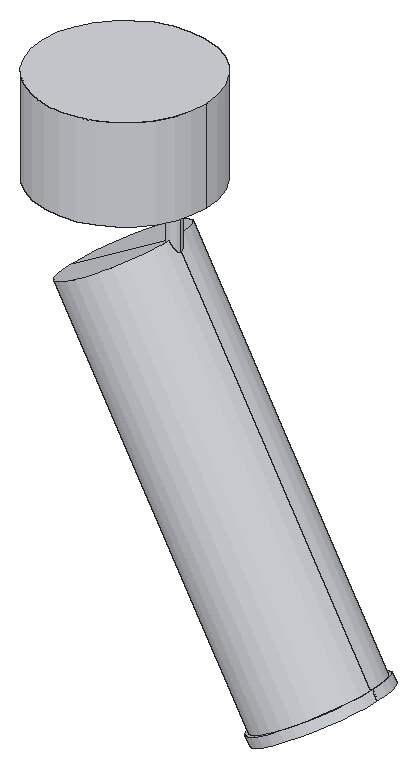
Revit family "SNOOP 2", category Lighting Fixtures, host Ceiling, Revit 2017
Family settings
  Host = Ceiling
  Round Connector Dimension = Use Diameter
  Part Type = Normal
  OmniClass Number = 23.80.70.11
  OmniClass Title = Luminaries for Internal Lighting
  Always vertical = Yes
  Cut with Voids When Loaded = No
  Light Source = Yes
  Shared = No
  Room Calculation Point = No
Parameters (values of type "Type 1")
  Wattage = 9.2903 W
  built-in parameter 1150110 = 1 (stored number, unit not read)
  built-in parameter 1114217 = 1 (stored number, unit not read)
  Tilt Angle = 90.00°
  built-in parameter 1150109 = 1 (stored number, unit not read)
  built-in parameter 1150134 = (empty or 0)
  built-in parameter 1150113 = 1 (stored number, unit not read)
  Photometric Web File = "ELR20P 30D CCT.ies"
  Lumens = 1380 lm
  built-in parameter 1150115 = 1 (stored number, unit not read)
  built-in parameter 1150105 = 109.82 (stored number, unit not read)
  built-in parameter 1150137 = (empty or 0)
  built-in parameter 1150139 = (empty or 0)
  built-in parameter 1150112 = 1 (stored number, unit not read)
  built-in parameter 1150114 = 1 (stored number, unit not read)
  built-in parameter 1150132 = 2
  built-in parameter 1150102 = (empty or 0)
  built-in parameter 1150138 = (empty or 0)
  built-in parameter 1150107 = 3000 (stored number, unit not read)
  built-in parameter 1150106 = 1.0982 (stored number, unit not read)
  built-in parameter 1150104 = 13.8 (stored number, unit not read)
  Dimming Lamp Color Temperature Shift = <None>
  Color Filter = 16777215
  built-in parameter 1114218 = 1 (stored number, unit not read)
  built-in parameter 1150133 = 10 (stored number, unit not read)
Reference planes
  plane 1 "Light Source Axis (F/B)": y = 0
  plane 2: z = 0
  plane 3 "Light Source Axis (L/R)": x = 0
  plane 4 "Ceiling": z = 4000
  plane 5 "Light Source Elevation": z = 3858.125
  plane 6: x = -27.578
  plane 7: x = 27.548
  plane 8: through (64.719, 6000, 3864.32) normal (0.866, 0, 0.5)
Forms (mm)
  Extrusion 1, solid
    sketch origin (0, 0, 4000) x (0, 1, 0) y (-1, 0, 0)
      loop
        circle (0, 0.015) r 27.563
    from 0 to 31.5
  Revolve 2, solid
    sketch origin (0, 0, 0) x (1, 0, 0) y (0, 0, 1)
      loop
        line (-0.492, 3977.268) -> (48, 3893.278) -> (51.308, 3895.188) -> (83.963, 3870.58) -> (85.017, 3871.214) -> (83.44, 3873.945) -> (82.552, 3873.433) -> (16.829, 3987.268) -> (-0.492, 3977.268)
      axis (66.819, 3860.682) -> (-0.492, 3977.268)
    angle from 0 to 360
  Extrusion 3, solid
    sketch origin (0, 0, 4000) x (0, 1, 0) y (-1, 0, 0)
      loop
        circle (0, -16.594) r 2.276
    from 0 to -20
  Revolve 4, solid, material "Glass, Frosted"
    sketch origin (0, 0, 0) x (1, 0, 0) y (0, 0, 1)
      loop
        line (66.819, 3860.682) -> (83.963, 3870.58) -> (81.092, 3872.59) -> (65.231, 3863.433) -> (66.819, 3860.682)
      axis (66.819, 3860.682) -> (65.231, 3863.433)
    angle from 0 to 360
Cuts and joins
  joined: Revolve 2, Extrusion 3
Lines and regions (mm)
  Opening 1
    outline origin (0, 0, 4000) x (1, 0, 0) y (0, 1, 0)
      loop
        circle (-0.015, 0) r 27.563
Dimensions and locks
  equal spacing: host sketch curve, plane 3 "Light Source Axis (L/R)", host sketch curve
  equal spacing: host sketch curve, plane 1 "Light Source Axis (F/B)", host sketch curve
  host sketch curve to host sketch curve = 4000.00 mm  (x2)
  plane 4 "Ceiling" to host ceiling = 0.00 mm
  plane 4 "Ceiling" to Extrusion 1 = 31.50 mm
  plane 7 to plane 6 = 55.126 mm
  aligned and locked: plane 5 "Light Source Elevation" to imposter light
